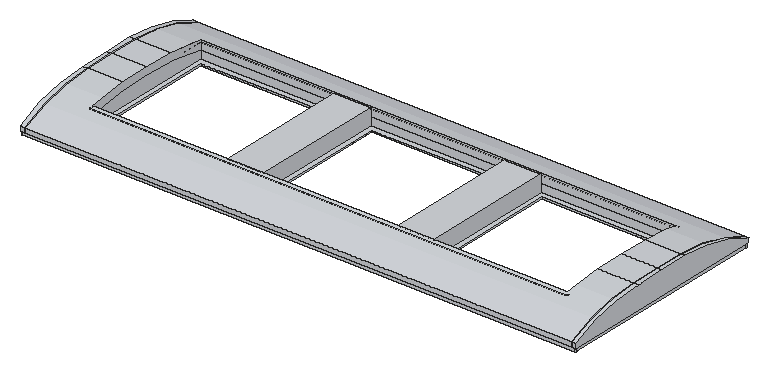
Revit family "Gira_0213331", category Electrical Fixtures, host Face, Revit 2017
Family settings
  Host = Face
  Maintain Annotation Orientation = No
  Round Connector Dimension = Use Diameter
  Part Type = Normal
  Cut with Voids When Loaded = No
  Shared = No
  Room Calculation Point = No
Parameters (values of type "Cov.fr. 3-g interm.fr. PW Gira Event Opaque dark brown")
  With mounting grid = "No"
  With hinged lid = "No"
  URL = "http://katalog.gira.de/en/datenblatt.html?artikelnr=0213331"
  Type of fastening = "Clamp mounting"
  Transparent = "No"
  Surface protection = "Other"
  Suitable for wall duct = "No"
  Suitable for flush-mounted installation = "Yes"
  Suitable for floor box = "No"
  Suitable for built-in installation = "No"
  Number of units vertical = "3"
  Number of units horizontal = "3"
  Number of units = "3"
  Name = "Cov.fr. 3-g interm.fr. PW Gira Event Opaque dark brown"
  Mounting direction = "Horizontal and vertical"
  Material quality = "Thermoplastic"
  Material = "Plastic"
  Manufacturer URL = "https://www.gira.de/"
  Manufacturer = "Gira"
  Label space/information surface = "No"
  Keynote = ""
  HeinzeBIM = "https://bimportal.heinze.de/bim/cov-fr-3-g-interm-fr-pw-gira-event-opaque-dark-brown/28ff42cc323736f6ca169b8f21d6bb61b935ceb6"
  Halogen free = "Yes"
  HAN = "0213331"
  GTIN = "4010337074700"
  Description = "Cov.fr.3g i.fr.PW EvOp DBN,Gira Event Opaque frames,dark brown with pure white glossy intermediate frame,3-gang,Features:,- Shatter-proof."
  Degree of protection (IP) = "IP20"
  Default Elevation = 1219.2 mm
  Data sheet (1) = "https://katalog.gira.de/en/download.html?artikelnr=0213331"
  Colour = "Brown"
  Category = "Cover frame for domestic switching devices"
  BIM (1) = "https://media.stage.bim.site/public/gira/36a6b08/Event_Rahmen_3fach.rfa"
  Available = "No"
Reference planes
  plane 1 "Center (Front/Back)": y = 0
  plane 2: z = 0
  plane 3 "Center (Left/Right)": x = 0
Forms (mm)
  Extrusion 1, solid, detail levels fine
    sketch origin (0, 0, 0.05) x (0, 1, 0) y (0, 0, 1)
      loop
        arc (12.445, 9.683) -> (6.223, 9.833) -> (0, 9.85) r 291.636
        arc (0, 9.85) -> (-6.223, 9.833) -> (-12.445, 9.683) r 291.636
        arc (-12.445, 9.683) -> (-29.14, 7.482) -> (-45, 1.823) r 79.728
        line (-45, 1.823) -> (-45, -0.05) -> (-42.086, -0.05)
        arc (-42.086, -0.05) -> (-21.385, 5.559) -> (0, 7.206) r 114.424
        arc (0, 7.206) -> (21.385, 5.559) -> (42.086, -0.05) r 114.424
        line (42.086, -0.05) -> (45, -0.05) -> (45, 1.823)
        arc (45, 1.823) -> (29.14, 7.482) -> (12.445, 9.683) r 79.728
    from -114.3 to 114.3
  Extrusion 2, void, detail levels fine
    sketch origin (0, 0, 0) x (1, 0, 0) y (0, 1, 0)
      loop
        line (-99.355, -28.053) -> (99.355, -28.053) -> (99.355, 28.053) -> (-99.355, 28.053) -> (-99.355, -28.053)
    from 0.724 to 11
  Extrusion 3, solid, detail levels coarse
    sketch origin (0, 0, 0) x (1, 0, 0) y (0, 1, 0)
      loop
        line (-116.3, 45) -> (-116.3, -45) -> (116.3, -45) -> (116.3, 45) -> (-116.3, 45)
    from -1.5 to 9.9
  Extrusion 4, solid, detail levels medium
    sketch origin (0, 0, 0.05) x (0, 1, 0) y (0, 0, 1)
      loop
        arc (12.445, 9.683) -> (6.223, 9.833) -> (0, 9.85) r 291.636
        arc (0, 9.85) -> (-6.223, 9.833) -> (-12.445, 9.683) r 291.636
        arc (-12.445, 9.683) -> (-29.14, 7.482) -> (-45, 1.823) r 79.728
        line (-45, 1.823) -> (-45, -0.05) -> (45, -0.05) -> (45, 1.823)
        arc (45, 1.823) -> (29.14, 7.482) -> (12.445, 9.683) r 79.728
    from -116.3 to 116.3
  Extrusion 5, solid, detail levels fine
    sketch origin (-71.3, 0, -1.5) x (0, 1, 0) y (0, 0, -1)
      loop
        line (45, -3.373) -> (45, -1.5) -> (-45, -1.5) -> (-45, -3.373)
        arc (-45, -3.373) -> (-29.14, -9.032) -> (-12.445, -11.233) r 79.728
        arc (-12.445, -11.233) -> (-6.223, -11.383) -> (0, -11.4) r 291.636
        arc (0, -11.4) -> (6.223, -11.383) -> (12.445, -11.233) r 291.636
        arc (12.445, -11.233) -> (29.14, -9.032) -> (45, -3.373) r 79.728
    from 43 to 45
  Extrusion 6, solid, detail levels fine
    sketch origin (0, 0, 0) x (1, 0, 0) y (0, 1, 0)
      loop
        line (-97.195, 25.7) -> (-97.195, -25.7) -> (-45.395, -25.7) -> (-45.395, 25.7) -> (-97.195, 25.7)
      loop
        line (25.9, -25.7) -> (25.9, 25.7) -> (-25.9, 25.7) -> (-25.9, -25.7) -> (25.9, -25.7)
      loop
        line (-100.19, 28.49) -> (-100.19, -28.495)
        spline (-100.19, -28.495) -> (-100.181, -28.625) -> (-100.156, -28.754) -> (-100.113, -28.878) -> (-100.056, -28.995) -> (-99.983, -29.104) -> (-99.897, -29.202) -> (-99.798, -29.288) -> (-99.69, -29.361) -> (-99.572, -29.419) -> (-99.448, -29.461) -> (-99.32, -29.486) -> (-99.19, -29.495)
        line (-99.19, -29.495) -> (99.195, -29.495)
        spline (99.195, -29.495) -> (99.325, -29.486) -> (99.454, -29.461) -> (99.578, -29.419) -> (99.695, -29.361) -> (99.804, -29.288) -> (99.902, -29.202) -> (99.988, -29.104) -> (100.061, -28.995) -> (100.119, -28.878) -> (100.161, -28.754) -> (100.186, -28.625) -> (100.195, -28.495)
        line (100.195, -28.495) -> (100.195, 28.49)
        spline (100.195, 28.49) -> (100.186, 28.62) -> (100.161, 28.748) -> (100.119, 28.872) -> (100.061, 28.99) -> (99.988, 29.098) -> (99.902, 29.197) -> (99.804, 29.283) -> (99.695, 29.356) -> (99.578, 29.413) -> (99.454, 29.456) -> (99.325, 29.481) -> (99.195, 29.49)
        line (99.195, 29.49) -> (-99.19, 29.49)
        spline (-99.19, 29.49) -> (-99.32, 29.481) -> (-99.448, 29.456) -> (-99.572, 29.413) -> (-99.69, 29.356) -> (-99.798, 29.283) -> (-99.897, 29.197) -> (-99.983, 29.098) -> (-100.056, 28.99) -> (-100.113, 28.872) -> (-100.156, 28.748) -> (-100.181, 28.62) -> (-100.19, 28.49)
      loop
        line (97.2, -25.7) -> (97.2, 25.7) -> (45.4, 25.7) -> (45.4, -25.7) -> (97.2, -25.7)
    from 0.1 to 7.3
  Extrusion 7, solid
    sketch origin (0, 0, 0) x (1, 0, 0) y (0, 1, 0)
      loop
        arc (-116, -44.2) -> (-115.854, -44.554) -> (-115.5, -44.7) r 0.5
        line (-115.5, -44.7) -> (115.5, -44.7)
        arc (115.5, -44.7) -> (115.854, -44.554) -> (116, -44.2) r 0.5
        line (116, -44.2) -> (116, 44.2)
        arc (116, 44.2) -> (115.854, 44.554) -> (115.5, 44.7) r 0.5
        line (115.5, 44.7) -> (-115.5, 44.7)
        arc (-115.5, 44.7) -> (-115.854, 44.554) -> (-116, 44.2) r 0.5
        line (-116, 44.2) -> (-116, -44.2)
      loop
        line (-114.3, 43) -> (-114.3, -43) -> (114.3, -43) -> (114.3, 43) -> (-114.3, 43)
    from -1.5 to 0.5
  Extrusion 8, solid, detail levels fine
    sketch origin (71.3, 0, -1.5) x (0, 1, 0) y (0, 0, 1)
      loop
        arc (45, 3.373) -> (29.14, 9.032) -> (12.445, 11.233) r 79.728
        arc (12.445, 11.233) -> (6.223, 11.383) -> (0, 11.4) r 291.636
        arc (0, 11.4) -> (-6.223, 11.383) -> (-12.445, 11.233) r 291.636
        arc (-12.445, 11.233) -> (-29.14, 9.032) -> (-45, 3.373) r 79.728
        line (-45, 3.373) -> (-45, 1.5) -> (45, 1.5) -> (45, 3.373)
    from 43 to 45
  Extrusion 9, solid, detail levels medium
    sketch origin (0, 0, 0) x (1, 0, 0) y (0, 1, 0)
      loop
        line (-116, -44.7) -> (116, -44.7) -> (116, 44.7) -> (-116, 44.7) -> (-116, -44.7)
    from -1.5 to 0.5
  Extrusion 10, solid, detail levels fine
    sketch origin (-34.207, 0, 0) x (1, 0, 0) y (0, 1, 0)
      loop
        line (-8.943, 28.063) -> (-8.943, -27.937) -> (6.057, -27.937) -> (6.057, 28.063) -> (-8.943, 28.063)
    from 0.724 to 7.566
  Extrusion 11, solid, detail levels fine
    sketch origin (34.207, 0, 0) x (-1, 0, 0) y (0, -1, 0)
      loop
        line (-8.943, -28.063) -> (6.057, -28.063) -> (6.057, 27.937) -> (-8.943, 27.937) -> (-8.943, -28.063)
    from 0.724 to 7.566
Cuts and joins
  Extrusion 2 cuts Extrusion 1
  Extrusion 2 cuts Extrusion 6
Dimensions and locks
  aligned and locked: plane 2 to host face
  aligned and locked: level to host face
